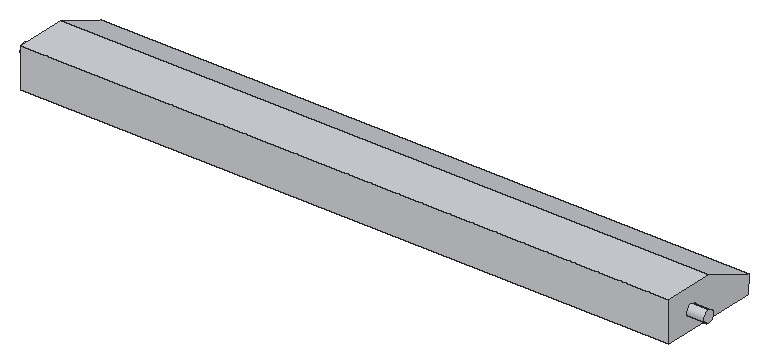
Revit family "ec240dacb9344df189ad69d22e1db1d7", category Mechanical Equipment, host Face, Revit 2021
Family settings
  Host = Face
  Round Connector Dimension = Use Radius
  Part Type = Normal
  OmniClass Number = 23.75.70.17.11
  OmniClass Title = Radiators
  Seek Item ID = Radiator - Hosted-0000-USA-ENU
  Cut with Voids When Loaded = No
  Shared = No
  Room Calculation Point = No
Parameters (values of type "1-1/4"")
  Pressure Drop [instance] = 0.001 psi
  Power [instance] = BtuPerFt * Length / 1' 0"  # 5460 Btu/h
  Length [instance] = 6' - 0"
  Height = 0' - 11"
  Flow [instance] = 10 GPM
  Default Elevation = 0' - 4"
  Connector = 5/8"
  BtuPerFt = 910 Btu/h
  Assembly Code = ""
Types (3): name | Power | Flow | Connector | BtuPerFt
  0-3/4" | 4920 Btu/h | 9 GPM | 3/8" | 820 Btu/h
  1" | 5220 Btu/h | 10 GPM | 1/2" | 870 Btu/h
  1-1/4" | 5460 Btu/h | 10 GPM | 5/8" | 910 Btu/h
Reference planes (in)
  plane 1 "Center (Front/Back)": y = 0
  plane 2: z = 0
  plane 3 "Center (Left/Right)": x = 0
  plane 4: y = 3
Forms (in)
  Extrusion 1, solid
    sketch origin (0, 2.5, 0) x (0, 1, 0) y (0, 0, 1)
      loop
        line (-2.5, 0) -> (8.5, 0) -> (8.5, 2.0625) -> (3.0625, 4.375) -> (-2.5, 4.375) -> (-2.5, 0)
    from -36 to 36
  Extrusion 2, solid
    sketch origin (2.0625, 0, 2.0625) x (0, 0, 1) y (0, 1, 0)
      loop
        circle (0, 3) r 0.625
    from -35.9375 to 40.0625
Cuts and joins
  joined: Extrusion 1, Extrusion 2
Dimensions and locks (in)
  "Height": Extrusion 1 sketch curve to Extrusion 1 sketch curve
  locked: cut or joined group of Extrusion 1, Extrusion 2 to plane 4 at 3
  "Length": Extrusion 1 to Extrusion 1
  locked: Extrusion 2 to Extrusion 1 at 2
  locked: Extrusion 1 to Extrusion 2 at 2
  equal spacing: Extrusion 1, plane 3 "Center (Left/Right)", Extrusion 1
  "Connector": radius of Extrusion 2 sketch curve
  aligned and locked: plane 2 to host face
  aligned and locked: level to host face
Automatic sketch dimensions
  Extrusion 1 sketch curve to level = 0' - 0"
  Extrusion 1 sketch curve to plane 1 "Center (Front/Back)" = 0' - 0"
  Extrusion 1 sketch curve to Extrusion 1 sketch curve = 0' - 5 7/16"
  level to Extrusion 1 sketch curve = 0' - 2 1/16"
  level to Extrusion 1 sketch curve = 0' - 4 3/8"
  Extrusion 2 sketch curve to plane 4 = 0' - 0"
  level to Extrusion 2 sketch curve = 0' - 2 1/16"
  host sketch curve to host sketch curve = 8' - 0"  (x2)
Connectors (in)
  piping at (-38, 3, 2.0625), diameter 1.25, driven by "Connector", driven by "Flow"
    settings: on cut or joined group of Extrusion 1, Extrusion 2, index 0, connector inside diameter 1 1/4", connector length 0' - 0", flow factor 0, pipe flow 10 GPM, pressure drop 0.00 psi, fitting loss kfactor 0, connector angle 0.00°, fixture units 0, engagement length 0' - 0", angle of deflection 0.00°, flow configuration 1, flow direction 1, fitting loss method 0, system type 7, joint type 0, gender type 0, connector reference index 1, connector utility 0, adjustable connector yes, is connector primary yes, connector description "Water In"
  piping at (38, 3, 2.0625), diameter 1.25, driven by "Connector", driven by "Flow", driven by "Pressure Drop"
    settings: on cut or joined group of Extrusion 1, Extrusion 2, index 1, connector inside diameter 1 1/4", connector length 0' - 0", flow factor 0, pipe flow 10 GPM, pressure drop 0.001 psi, fitting loss kfactor 0, connector angle 0.00°, fixture units 0, engagement length 0' - 0", angle of deflection 0.00°, flow configuration 1, flow direction 2, fitting loss method 4, system type 8, joint type 0, gender type 0, connector reference index 0, connector utility 0, adjustable connector yes, is connector primary no, connector description "Water Out"
